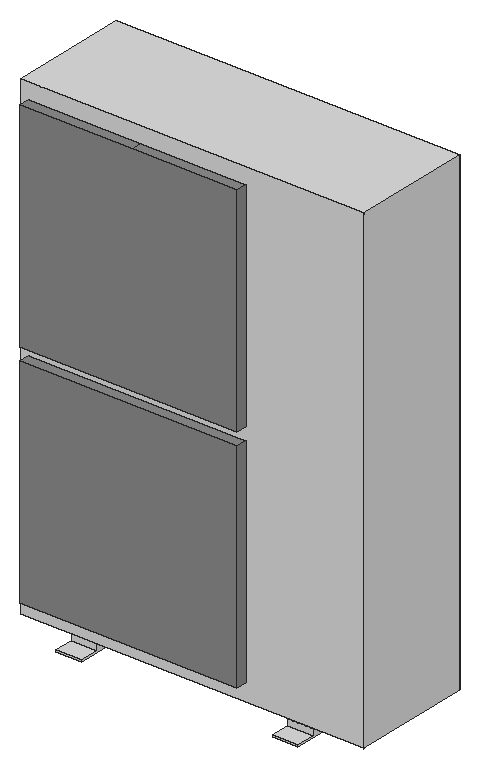
Revit family "Platinum_BC_iPlus_16_MR", category Equipos mecánicos, Revit 2019
Family settings
  Cota de conector redondo = Diámetro de uso
  Tipo de pieza = Normal
  Número OmniClass = 23.75.10.21
  Título OmniClass = Heat Pumps
  Se basa en plano de trabajo = No
  Siempre vertical = Sí
  Corte con vacíos al cargar = No
  Compartido = No
  Punto de cálculo de habitación = No
Parameters (values of type "PLATINUM BC iPLUS 16 (U.E)")
  URL PRODUCTO = "https://www.baxi.es/productos/bombas-calor/bibloc/platinum-bc-iplus-y-bc-iplus-hybrid"
  Tipo Ventilador = "Propeller Fan"
  Tipo Refrigerante = "R410A"
  Tipo Compresor = "Inverter hermetic scroll"
  Profundidad = 330.000 mm
  Potencia Acustica (dB(A)) = 68.55
  Peso (kg) = 130
  Código de montaje = "7609929"
  Caudal Aire (m3/min) = 100
  Capacidad Calorifica (kW) = 14.65
  Cantidad Ventilador = 2
  Cantidad Compresores = 1
  Blanco = Color RGB 216-216-216
  Voltage = 230.002 V
  Distancia Superior Valor [instance] = if(Distancia Superior < 1500.000 mm, 1500.000 mm, Distancia Superior)  # 1500.000 mm
  Distancia Superior [instance] = 1500.000 mm
  Area Mantenimiento [instance] = no
  Distancia Lateral Der. Valor [instance] = if(Distancia lateral Der. < 250.000 mm, 250.000 mm, Distancia lateral Der.)  # 250.000 mm
  Distancia lateral Der. [instance] = 250.000 mm
  Revit Version = "2017"  # constant formula
  Diametro Liquido Refrigerante = 9.530 mm
  Diametro gas refrigerante = 15.900 mm
  Rojo = Color RGB 255-000-000
  Phase = 1
  Model = "Platinum BC iPLUS 16MR"
  URL = "https://www.baxi.es"
  Maximum Circuit Ampacity (A) = 29.5
  Fabricante = "BAXI"  # constant formula
  Distancia lateral Izq. Valor [instance] = if(Distancia lateral Izq. < 250.000 mm, 250.000 mm, Distancia lateral Izq.)  # 250.000 mm
  Distancia lateral Izq. [instance] = 250.000 mm
  IFCExportType = "NOTDEFINED"  # constant formula
  IFCExportAs = "IfcPumpType"  # constant formula
  Hertz = 50 Hz
  Gris = Color RGB 100-100-100
  Distancia Frontal Valor [instance] = if(Distancia Frontal < 1000.000 mm, 1000.000 mm, Distancia Frontal)  # 1000.000 mm
  Distancia Frontal [instance] = 1000.000 mm
  Diametro drenaje = 32.000 mm
  Description = "Platinum BC iPLUS 16MR"  # constant formula
  Gris Oscuro = Color RGB 110-110-110
  Capacidad Frigorifica (kW) = 14.46
  Negro = Color RGB 060-060-060
  Distancia Trasera Valor [instance] = if(Distancia Trasera < 500.000 mm, 500.000 mm, Distancia Trasera)  # 500.000 mm
  Distancia Trasera [instance] = 500.000 mm
  Anchura = 950.000 mm
  Altura = 1350.000 mm
Reference planes
  plane 1 "Center (Front/Back)": y = 0
  plane 2: z = 0
  plane 3 "Center (Left/Right)": x = 0
  plane 4: y = 165
  plane 5: y = -124
  plane 6: y = -165
  plane 7: y = -111
  plane 8: y = 665
  plane 9: z = 371
  plane 10: z = 1006
  plane 11: z = 1350
  plane 12: z = 23
  plane 13: y = -195
  plane 14: x = 475
  plane 15: x = -475
  plane 16: x = -153
  plane 17: x = 147
  plane 18: x = -300
  plane 19: x = 300
  plane 20: x = -418.58
  plane 21: y = 150
  plane 22: y = 122
  plane 23: z = 431
  plane 24: z = 447
  plane 25: x = 378
  plane 26: x = -725
  plane 27: y = 54
  plane 28: x = 445
  plane 29: x = 225
  plane 30: y = 135
  plane 31: x = 80
  plane 32: x = -65
  plane 33: x = -210
  plane 34: z = 12
  plane 35: z = 1079
Forms (mm)
  Extrusion 1, solid, not visible
    sketch origin (0, 0, 0) x (1, 0, 0) y (0, 1, 0)
      loop
        line (-475, 165) -> (-475, -165) -> (575, -165) -> (575, 165) -> (-475, 165)
    from 26 to 1338
  Extrusion 2, void, not visible
    sketch origin (-475, 165, 0) x (-1, 0, 0) y (0, 0, -1)
      loop
        line (-750, -45) -> (-750, -1300) -> (-62, -1300) -> (-62, -45) -> (-750, -45)
    from 0 to 20
  Extrusion 3, solid, not visible
    sketch origin (100, -3.964, 0) x (1, 0, 0) y (0, 1, 0)
      loop
        circle (377, -128) r 4.76
    from 510 to 550
  Extrusion 4, solid, not visible
    sketch origin (100, 0, 0) x (1, 0, 0) y (0, 1, 0)
      loop
        circle (433, -109) r 7.94
    from 426 to 603
  Extrusion 5, solid, not visible
    sketch origin (445.487, -165, 0) x (-1, 0, 0) y (0, 0, -1)
      loop
        line (858.487, -1301) -> (858.487, -701) -> (258.487, -701) -> (258.487, -1301) -> (858.487, -1301)
      loop
        line (858.487, -669) -> (858.487, -69) -> (258.487, -69) -> (258.487, -669) -> (858.487, -669)
    from 0 to 25
  Extrusion 6, solid, not visible
    sketch origin (445.487, -165, -153) x (-1, 0, 0) y (0, 0, -1)
      loop
        line (129.587, -1062) -> (-20.413, -1062) -> (-20.413, -1112.667) -> (129.587, -1112.667) -> (129.587, -1062)
    from -50 to -45
  Extrusion 7, void, not visible
    sketch origin (445.487, -165, 0) x (-1, 0, 0) y (0, 0, -1)
      loop
        line (-129.513, -576) -> (-129.513, -601) -> (-84.013, -601)
        arc (-84.013, -601) -> (-82.598, -600.414) -> (-82.013, -599) r 2
        line (-82.013, -599) -> (-82.013, -578)
        arc (-82.013, -578) -> (-82.598, -576.586) -> (-84.013, -576) r 2
        line (-84.013, -576) -> (-129.513, -576)
    from -15 to 0
  Extrusion 8, void, not visible
    sketch origin (575, 0, 0) x (0, 1, 0) y (0, 0, 1)
      loop
        line (-165, 601) -> (-165, 576) -> (-119.5, 576)
        arc (-119.5, 576) -> (-118.086, 576.586) -> (-117.5, 578) r 2
        line (-117.5, 578) -> (-117.5, 599)
        arc (-117.5, 599) -> (-118.086, 600.414) -> (-119.5, 601) r 2
        line (-119.5, 601) -> (-165, 601)
    from -15 to 0
  Extrusion 9, void, not visible
    sketch origin (575, 0, 0) x (0, 1, 0) y (0, 0, 1)
      loop
        line (165, 601) -> (119.5, 601)
        arc (119.5, 601) -> (118.086, 600.414) -> (117.5, 599) r 2
        line (117.5, 599) -> (117.5, 578)
        arc (117.5, 578) -> (118.086, 576.586) -> (119.5, 576) r 2
        line (119.5, 576) -> (165, 576) -> (165, 601)
    from -15 to 0
  Extrusion 10, void, not visible
    sketch origin (0, 165, 0) x (1, 0, 0) y (0, 0, 1)
      loop
        line (575, 601) -> (529.5, 601)
        arc (529.5, 601) -> (528.086, 600.414) -> (527.5, 599) r 2
        line (527.5, 599) -> (527.5, 578)
        arc (527.5, 578) -> (528.086, 576.586) -> (529.5, 576) r 2
        line (529.5, 576) -> (575, 576) -> (575, 601)
    from 15 to 0
  Extrusion 11, void, not visible
    sketch origin (0, 165, 0) x (1, 0, 0) y (0, 0, 1)
      loop
        line (-475, 601) -> (-475, 576) -> (-425.58, 576)
        arc (-425.58, 576) -> (-424.166, 576.586) -> (-423.58, 578) r 2
        line (-423.58, 578) -> (-423.58, 599)
        arc (-423.58, 599) -> (-424.166, 600.414) -> (-425.58, 601) r 2
        line (-425.58, 601) -> (-475, 601)
    from 15 to 0
  Extrusion 12, void, not visible
    sketch origin (-475, 0, 0) x (0, 1, 0) y (0, 0, 1)
      loop
        line (165, 601) -> (119.5, 601)
        arc (119.5, 601) -> (118.086, 600.414) -> (117.5, 599) r 2
        line (117.5, 599) -> (117.5, 578)
        arc (117.5, 578) -> (118.086, 576.586) -> (119.5, 576) r 2
        line (119.5, 576) -> (165, 576) -> (165, 601)
    from 15 to 0
  Extrusion 13, void, not visible
    sketch origin (-475, 0, 0) x (0, 1, 0) y (0, 0, 1)
      loop
        line (-119.5, 601) -> (-165, 601) -> (-165, 576) -> (-119.5, 576)
        arc (-119.5, 576) -> (-118.086, 576.586) -> (-117.5, 578) r 2
        line (-117.5, 578) -> (-117.5, 599)
        arc (-117.5, 599) -> (-118.086, 600.414) -> (-119.5, 601) r 2
    from 15 to 0
  Extrusion 14, void, not visible
    sketch origin (445.487, -165, 0) x (-1, 0, 0) y (0, 0, -1)
      loop
        line (920.487, -601) -> (920.487, -576) -> (874.987, -576)
        arc (874.987, -576) -> (873.573, -576.586) -> (872.987, -578) r 2
        line (872.987, -578) -> (872.987, -599)
        arc (872.987, -599) -> (873.573, -600.414) -> (874.987, -601) r 2
        line (874.987, -601) -> (920.487, -601)
    from -15 to 0
  Extrusion 15, solid, not visible
    sketch origin (-475, 0, 0) x (0, 1, 0) y (0, 0, 1)
      loop
        circle (165, 1287.697) r 2
      loop
        circle (165, 1046.697) r 2
      loop
        circle (165, 795.697) r 2
      loop
        circle (165, 544.697) r 2
      loop
        circle (165, 293.697) r 2
      loop
        circle (165, 52.697) r 2
    from 62 to 750
  Extrusion 16, solid, not visible
    sketch origin (0, 0, 1338) x (1, 0, 0) y (0, 1, 0)
      loop
        circle (-404.962, 165) r 2
      loop
        circle (-185, 165) r 2
      loop
        circle (45, 165) r 2
      loop
        circle (267.5, 165) r 2
    from -1293 to -38
  Extrusion 17, solid, material "Color RGB 216-216-216" <- "Blanco", detail levels fine
    sketch origin (13.851, 0, 0) x (1, 0, 0) y (0, 1, 0)
      loop
        arc (-488.351, 165) -> (-488.705, 164.854) -> (-488.851, 164.5) r 0.5
        line (-488.851, 164.5) -> (-488.851, -164.5)
        arc (-488.851, -164.5) -> (-488.705, -164.854) -> (-488.351, -165) r 0.5
        line (-488.351, -165) -> (460.649, -165)
        arc (460.649, -165) -> (461.003, -164.854) -> (461.149, -164.5) r 0.5
        line (461.149, -164.5) -> (461.149, 164.5)
        arc (461.149, 164.5) -> (461.003, 164.854) -> (460.649, 165) r 0.5
        line (460.649, 165) -> (-488.351, 165)
    from 23 to 1350
  Extrusion 18, solid, material "Color RGB 216-216-216" <- "Blanco", not visible
    sketch origin (113.851, -3.964, 0) x (1, 0, 0) y (0, 1, 0)
      loop
        circle (253.149, -116.036) r 4.765
    from 447 to 550
  Extrusion 19, solid, material "Color RGB 216-216-216" <- "Blanco", not visible
    sketch origin (113.851, 0, 0) x (1, 0, 0) y (0, 1, 0)
      loop
        circle (319.149, -109) r 7.95
    from 431 to 603
  Extrusion 20, solid, not visible, detail levels fine
    sketch origin (326.099, -165, -153) x (-1, 0, 0) y (0, 0, -1)
      loop
        line (156.099, -1206.666) -> (6.099, -1206.666) -> (6.099, -1257.334) -> (156.099, -1257.334) -> (156.099, -1206.666)
    from -9.592 to 0
  Extrusion 21, solid, detail levels coarse+medium
    sketch origin (13.851, 0, 0) x (1, 0, 0) y (0, 1, 0)
      loop
        arc (-488.351, 165) -> (-488.705, 164.854) -> (-488.851, 164.5) r 0.5
        line (-488.851, 164.5) -> (-488.851, -164.5)
        arc (-488.851, -164.5) -> (-488.705, -164.854) -> (-488.351, -165) r 0.5
        line (-488.351, -165) -> (460.649, -165)
        arc (460.649, -165) -> (461.003, -164.854) -> (461.149, -164.5) r 0.5
        line (461.149, -164.5) -> (461.149, 164.5)
        arc (461.149, 164.5) -> (461.003, 164.854) -> (460.649, 165) r 0.5
        line (460.649, 165) -> (-488.351, 165)
    from 23 to 1350
  Extrusion 22, solid, detail levels coarse+medium
    sketch origin (485.851, -165, 0) x (-1, 0, 0) y (0, 0, -1)
      loop
        line (938.851, -671) -> (938.851, -71) -> (338.851, -71) -> (338.851, -671) -> (938.851, -671)
      loop
        line (938.851, -1306) -> (938.851, -706) -> (338.851, -706) -> (338.851, -1306) -> (938.851, -1306)
    from 0 to 30
  Extrusion 23, solid, material "Color RGB 100-100-100" <- "Gris", detail levels fine
    sketch origin (419.339, -165, 0) x (-1, 0, 0) y (0, 0, -1)
      loop
        line (561.654, -1306) -> (872.339, -1306) -> (872.339, -706) -> (272.339, -706) -> (272.339, -1306) -> (561.654, -1306)
      loop
        line (872.339, -671) -> (872.339, -71) -> (272.339, -71) -> (272.339, -671) -> (872.339, -671)
    from 0 to 30
  Extrusion 24, solid, material "Color RGB 100-100-100" <- "Gris", detail levels fine
    sketch origin (0, 0, 0) x (1, 0, 0) y (0, 0, 1)
      loop
        arc (-440.712, 1264.158) -> (-440.126, 1262.743) -> (-438.712, 1262.158) r 2
        line (-438.712, 1262.158) -> (-352.712, 1262.158)
        arc (-352.712, 1262.158) -> (-351.298, 1262.743) -> (-350.712, 1264.158) r 2
        line (-350.712, 1264.158) -> (-350.712, 1285) -> (-350.712, 1290.158)
        arc (-350.712, 1290.158) -> (-351.298, 1291.572) -> (-352.712, 1292.158) r 2
        line (-352.712, 1292.158) -> (-438.712, 1292.158)
        arc (-438.712, 1292.158) -> (-440.126, 1291.572) -> (-440.712, 1290.158) r 2
        line (-440.712, 1290.158) -> (-440.712, 1285) -> (-440.712, 1264.158)
      loop
        arc (-352.712, 627.158) -> (-351.298, 627.743) -> (-350.712, 629.158) r 2
        line (-350.712, 629.158) -> (-350.712, 650) -> (-350.712, 655.158)
        arc (-350.712, 655.158) -> (-351.298, 656.572) -> (-352.712, 657.158) r 2
        line (-352.712, 657.158) -> (-438.712, 657.158)
        arc (-438.712, 657.158) -> (-440.126, 656.572) -> (-440.712, 655.158) r 2
        line (-440.712, 655.158) -> (-440.712, 650) -> (-440.712, 629.158)
        arc (-440.712, 629.158) -> (-440.126, 627.743) -> (-438.712, 627.158) r 2
        line (-438.712, 627.158) -> (-352.712, 627.158)
    from 165 to 180
  Extrusion 25, solid, not visible, detail levels coarse+medium
    sketch origin (0, 0, 0) x (1, 0, 0) y (0, 1, 0)
      loop
        circle (-445, 54) r 16.5
    from 12 to 23
Cuts and joins
  joined: Extrusion 23, Extrusion 24
Lines and regions (mm)
  model lines, style "Equipment", detail levels fine
    curve 1: line (-475, -165, 1338) -> (475, -165, 1338)
    curve 410: line (257, 165, 1292) -> (-355, 165, 1292)
    curve 411: line (161.846, -165, 1338) -> (161.846, -165, 26)
    curve 412: line (-363, 165, 54) -> (265, 165, 54)
    curve 413: line (265, 165, 23) -> (265, 165, 1338)
    curve 414: line (257, 165, 1087) -> (-355, 165, 1087)
    curve 415: line (257, 165, 62) -> (-355, 165, 62)
    curve 416: line (257, 165, 23) -> (257, 165, 1338)
    curve 417: line (-151, 165, 1292) -> (-151, 165, 62)
    curve 418: line (161.846, -165, 201) -> (475, -165, 201)
    curve 419: line (161.846, -165, 181) -> (475, -165, 181)
    curve 420: line (408.5, 165, 181) -> (475, 165, 181)
    curve 421: line (417.649, 165, 201) -> (475, 165, 201)
    curve 422: line (475, 0, 1338) -> (475, 0, 26)
    curve 423: line (475, -165, 181) -> (475, 165, 181)
    curve 424: line (475, -165, 201) -> (475, 165, 201)
    curve 425: line (-363, 165, 1338) -> (-363, 165, 23)
    curve 426: line (-355, 165, 23) -> (-355, 165, 1338)
    curve 427: line (53, 165, 1292) -> (53, 165, 62)
    curve 428: line (257, 165, 882) -> (-355, 165, 882)
    curve 429: line (265, 165, 677) -> (-363, 165, 677)
    curve 430: line (257, 165, 472) -> (-355, 165, 472)
    curve 431: line (257, 165, 267) -> (-355, 165, 267)
    curve 432: line (475, 165, 1338) -> (-475, 165, 1338)
    curve 433: line (-475, -69.023, 1338) -> (-475, -69.023, 23)
    curve 434: line (-475, -57, 1322.063) -> (-475, -57, 1146.063)
    curve 435: line (-475, -27, 1146.063) -> (-475, -27, 1322.063)
    curve 436: line (-475, -50, 1139.063) -> (-475, -34, 1139.063)
    curve 437: arc (-475, -57, 1146.063) -> (-475, -54.95, 1141.113) -> (-475, -50, 1139.063) r 7
    curve 438: arc (-475, -34, 1139.063) -> (-475, -29.05, 1141.113) -> (-475, -27, 1146.063) r 7
    curve 439: line (-475, -17, 1322.063) -> (-475, -17, 1148.063)
    curve 440: line (-475, 15, 1146.063) -> (-475, 15, 1322.063)
    curve 441: line (-475, -8, 1139.063) -> (-475, 8, 1139.063)
    curve 442: arc (-475, -17, 1148.063) -> (-475, -14.364, 1141.699) -> (-475, -8, 1139.063) r 9
    curve 443: arc (-475, 8, 1139.063) -> (-475, 12.95, 1141.113) -> (-475, 15, 1146.063) r 7
    curve 444: line (-475, 25, 1322.063) -> (-475, 25, 1146.063)
    curve 445: line (-475, 55, 1146.063) -> (-475, 55, 1322.063)
    curve 446: line (-475, 32, 1139.063) -> (-475, 48, 1139.063)
    curve 447: arc (-475, 25, 1146.063) -> (-475, 27.05, 1141.113) -> (-475, 32, 1139.063) r 7
    curve 448: arc (-475, 48, 1139.063) -> (-475, 52.95, 1141.113) -> (-475, 55, 1146.063) r 7
    curve 449: line (-475, 65, 1322.063) -> (-475, 65, 1146.063)
    curve 450: line (-475, 95, 1146.063) -> (-475, 95, 1322.063)
    curve 451: line (-475, 72, 1139.063) -> (-475, 88, 1139.063)
    curve 452: arc (-475, 65, 1146.063) -> (-475, 67.05, 1141.113) -> (-475, 72, 1139.063) r 7
    curve 453: arc (-475, 88, 1139.063) -> (-475, 92.95, 1141.113) -> (-475, 95, 1146.063) r 7
    curve 454: line (-475, -34, 1129.063) -> (-475, -50, 1129.063)
    curve 455: line (-475, -57, 1122.063) -> (-475, -57, 946.063)
    curve 456: line (-475, -27, 946.063) -> (-475, -27, 1122.063)
    curve 457: line (-475, -50, 939.063) -> (-475, -34, 939.063)
    curve 458: arc (-475, -50, 1129.063) -> (-475, -54.95, 1127.012) -> (-475, -57, 1122.063) r 7
    curve 459: arc (-475, -27, 1122.063) -> (-475, -29.05, 1127.012) -> (-475, -34, 1129.063) r 7
    curve 460: arc (-475, -57, 946.063) -> (-475, -54.95, 941.113) -> (-475, -50, 939.063) r 7
    curve 461: arc (-475, -34, 939.063) -> (-475, -29.05, 941.113) -> (-475, -27, 946.063) r 7
    curve 462: line (-475, 8, 1129.063) -> (-475, -10, 1129.063)
    curve 463: line (-475, -17, 1122.063) -> (-475, -17, 946.063)
    curve 464: line (-475, 15, 946.063) -> (-475, 15, 1122.063)
    curve 465: line (-475, -10, 939.063) -> (-475, 8, 939.063)
    curve 466: arc (-475, -10, 1129.063) -> (-475, -14.95, 1127.012) -> (-475, -17, 1122.063) r 7
    curve 467: arc (-475, 15, 1122.063) -> (-475, 12.95, 1127.012) -> (-475, 8, 1129.063) r 7
    curve 468: arc (-475, -17, 946.063) -> (-475, -14.95, 941.113) -> (-475, -10, 939.063) r 7
    curve 469: arc (-475, 8, 939.063) -> (-475, 12.95, 941.113) -> (-475, 15, 946.063) r 7
    curve 470: line (-475, 48, 1129.063) -> (-475, 32, 1129.063)
    curve 471: line (-475, 25, 1122.063) -> (-475, 25, 946.063)
    curve 472: line (-475, 55, 946.063) -> (-475, 55, 1122.063)
    curve 473: line (-475, 32, 939.063) -> (-475, 48, 939.063)
    curve 474: arc (-475, 32, 1129.063) -> (-475, 27.05, 1127.012) -> (-475, 25, 1122.063) r 7
    curve 475: arc (-475, 55, 1122.063) -> (-475, 52.95, 1127.012) -> (-475, 48, 1129.063) r 7
    curve 476: arc (-475, 25, 946.063) -> (-475, 27.05, 941.113) -> (-475, 32, 939.063) r 7
    curve 477: arc (-475, 48, 939.063) -> (-475, 52.95, 941.113) -> (-475, 55, 946.063) r 7
    curve 478: line (-475, 88, 1129.063) -> (-475, 72, 1129.063)
    curve 479: line (-475, 65, 1122.063) -> (-475, 65, 946.063)
    curve 480: line (-475, 95, 946.063) -> (-475, 95, 1122.063)
    curve 481: line (-475, 72, 939.063) -> (-475, 88, 939.063)
    curve 482: arc (-475, 72, 1129.063) -> (-475, 67.05, 1127.012) -> (-475, 65, 1122.063) r 7
    curve 483: arc (-475, 95, 1122.063) -> (-475, 92.95, 1127.012) -> (-475, 88, 1129.063) r 7
    curve 484: arc (-475, 65, 946.063) -> (-475, 67.05, 941.113) -> (-475, 72, 939.063) r 7
    curve 485: arc (-475, 88, 939.063) -> (-475, 92.95, 941.113) -> (-475, 95, 946.063) r 7
    curve 486: line (-475, -34, 929.063) -> (-475, -50, 929.063)
    curve 487: line (-475, -57, 922.063) -> (-475, -57, 748.063)
    curve 488: line (-475, -27, 748.063) -> (-475, -27, 922.063)
    curve 489: line (-475, -50, 741.063) -> (-475, -34, 741.063)
    curve 490: arc (-475, -50, 929.063) -> (-475, -54.95, 927.012) -> (-475, -57, 922.063) r 7
    curve 491: arc (-475, -27, 922.063) -> (-475, -29.05, 927.012) -> (-475, -34, 929.063) r 7
    curve 492: arc (-475, -57, 748.063) -> (-475, -54.95, 743.113) -> (-475, -50, 741.063) r 7
    curve 493: arc (-475, -34, 741.063) -> (-475, -29.05, 743.113) -> (-475, -27, 748.063) r 7
    curve 494: line (-475, 8, 929.063) -> (-475, -10, 929.063)
    curve 495: line (-475, -17, 922.063) -> (-475, -17, 748.063)
    curve 496: line (-475, 15, 748.063) -> (-475, 15, 922.063)
    curve 497: line (-475, -10, 741.063) -> (-475, 8, 741.063)
    curve 498: arc (-475, -10, 929.063) -> (-475, -14.95, 927.012) -> (-475, -17, 922.063) r 7
    curve 499: arc (-475, 15, 922.063) -> (-475, 12.95, 927.012) -> (-475, 8, 929.063) r 7
    curve 500: arc (-475, -17, 748.063) -> (-475, -14.95, 743.113) -> (-475, -10, 741.063) r 7
    curve 501: arc (-475, 8, 741.063) -> (-475, 12.95, 743.113) -> (-475, 15, 748.063) r 7
    curve 502: line (-475, 48, 929.063) -> (-475, 32, 929.063)
    curve 503: line (-475, 25, 922.063) -> (-475, 25, 748.063)
    curve 504: line (-475, 55, 748.063) -> (-475, 55, 922.063)
    curve 505: line (-475, 32, 741.063) -> (-475, 48, 741.063)
    curve 506: arc (-475, 32, 929.063) -> (-475, 27.05, 927.012) -> (-475, 25, 922.063) r 7
    curve 507: arc (-475, 55, 922.063) -> (-475, 52.95, 927.012) -> (-475, 48, 929.063) r 7
    curve 508: arc (-475, 25, 748.063) -> (-475, 27.05, 743.113) -> (-475, 32, 741.063) r 7
    curve 509: arc (-475, 48, 741.063) -> (-475, 52.95, 743.113) -> (-475, 55, 748.063) r 7
    curve 510: line (-475, 88, 929.063) -> (-475, 72, 929.063)
    curve 511: line (-475, 65, 922.063) -> (-475, 65, 748.063)
    curve 512: line (-475, 95, 748.063) -> (-475, 95, 922.063)
    curve 513: line (-475, 72, 741.063) -> (-475, 88, 741.063)
    curve 514: arc (-475, 72, 929.063) -> (-475, 67.05, 927.012) -> (-475, 65, 922.063) r 7
    curve 515: arc (-475, 95, 922.063) -> (-475, 92.95, 927.012) -> (-475, 88, 929.063) r 7
    curve 516: arc (-475, 65, 748.063) -> (-475, 67.05, 743.113) -> (-475, 72, 741.063) r 7
    curve 517: arc (-475, 88, 741.063) -> (-475, 92.95, 743.113) -> (-475, 95, 748.063) r 7
    curve 518: line (-475, -34, 731.063) -> (-475, -50, 731.063)
    curve 519: line (-475, -57, 724.063) -> (-475, -57, 546.063)
    curve 520: line (-475, -27, 546.063) -> (-475, -27, 724.063)
    curve 521: line (-475, -50, 539.063) -> (-475, -34, 539.063)
    curve 522: arc (-475, -50, 731.063) -> (-475, -54.95, 729.012) -> (-475, -57, 724.063) r 7
    curve 523: arc (-475, -27, 724.063) -> (-475, -29.05, 729.012) -> (-475, -34, 731.063) r 7
    curve 524: arc (-475, -57, 546.063) -> (-475, -54.95, 541.113) -> (-475, -50, 539.063) r 7
    curve 525: arc (-475, -34, 539.063) -> (-475, -29.05, 541.113) -> (-475, -27, 546.063) r 7
    curve 526: line (-475, 8, 731.063) -> (-475, -10, 731.063)
    curve 527: line (-475, -17, 724.063) -> (-475, -17, 550.063)
    curve 528: line (-475, 15, 548.063) -> (-475, 15, 724.063)
    curve 529: line (-475, -8, 541.063) -> (-475, 8, 541.063)
    curve 530: arc (-475, -10, 731.063) -> (-475, -14.95, 729.012) -> (-475, -17, 724.063) r 7
    curve 531: arc (-475, 15, 724.063) -> (-475, 12.95, 729.012) -> (-475, 8, 731.063) r 7
    curve 532: arc (-475, -17, 550.063) -> (-475, -14.364, 543.699) -> (-475, -8, 541.063) r 9
    curve 533: arc (-475, 8, 541.063) -> (-475, 12.95, 543.113) -> (-475, 15, 548.063) r 7
    curve 534: line (-475, 48, 731.063) -> (-475, 32, 731.063)
    curve 535: line (-475, 25, 724.063) -> (-475, 25, 548.063)
    curve 536: line (-475, 55, 548.063) -> (-475, 55, 724.063)
    curve 537: line (-475, 32, 541.063) -> (-475, 48, 541.063)
    curve 538: arc (-475, 32, 731.063) -> (-475, 27.05, 729.012) -> (-475, 25, 724.063) r 7
    curve 539: arc (-475, 55, 724.063) -> (-475, 52.95, 729.012) -> (-475, 48, 731.063) r 7
    curve 540: arc (-475, 25, 548.063) -> (-475, 27.05, 543.113) -> (-475, 32, 541.063) r 7
    curve 541: arc (-475, 48, 541.063) -> (-475, 52.95, 543.113) -> (-475, 55, 548.063) r 7
    curve 542: line (-475, -34, 529.063) -> (-475, -50, 529.063)
    curve 543: line (-475, -57, 522.063) -> (-475, -57, 346.063)
    curve 544: line (-475, -27, 346.063) -> (-475, -27, 522.063)
    curve 545: line (-475, -50, 339.063) -> (-475, -34, 339.063)
    curve 546: arc (-475, -50, 529.063) -> (-475, -54.95, 527.012) -> (-475, -57, 522.063) r 7
    curve 547: arc (-475, -27, 522.063) -> (-475, -29.05, 527.012) -> (-475, -34, 529.063) r 7
    curve 548: arc (-475, -57, 346.063) -> (-475, -54.95, 341.113) -> (-475, -50, 339.063) r 7
    curve 549: arc (-475, -34, 339.063) -> (-475, -29.05, 341.113) -> (-475, -27, 346.063) r 7
    curve 550: line (-475, 8, 531.063) -> (-475, -8, 531.063)
    curve 551: line (-475, -17, 522.063) -> (-475, -17, 346.063)
    curve 552: line (-475, 15, 346.063) -> (-475, 15, 524.063)
    curve 553: line (-475, -10, 339.063) -> (-475, 8, 339.063)
    curve 554: arc (-475, -8, 531.063) -> (-475, -14.364, 528.427) -> (-475, -17, 522.063) r 9
    curve 555: arc (-475, 15, 524.063) -> (-475, 12.95, 529.012) -> (-475, 8, 531.063) r 7
    curve 556: arc (-475, -17, 346.063) -> (-475, -14.95, 341.113) -> (-475, -10, 339.063) r 7
    curve 557: arc (-475, 8, 339.063) -> (-475, 12.95, 341.113) -> (-475, 15, 346.063) r 7
    curve 558: line (-475, 48, 531.063) -> (-475, 32, 531.063)
    curve 559: line (-475, 25, 524.063) -> (-475, 25, 346.063)
    curve 560: line (-475, 55, 346.063) -> (-475, 55, 524.063)
    curve 561: line (-475, 32, 339.063) -> (-475, 48, 339.063)
    curve 562: arc (-475, 32, 531.063) -> (-475, 27.05, 529.012) -> (-475, 25, 524.063) r 7
    curve 563: arc (-475, 55, 524.063) -> (-475, 52.95, 529.012) -> (-475, 48, 531.063) r 7
    curve 564: arc (-475, 25, 346.063) -> (-475, 27.05, 341.113) -> (-475, 32, 339.063) r 7
    curve 565: arc (-475, 48, 339.063) -> (-475, 52.95, 341.113) -> (-475, 55, 346.063) r 7
    curve 566: line (-475, 88, 531.063) -> (-475, 72, 531.063)
    curve 567: line (-475, 65, 524.063) -> (-475, 65, 346.063)
    curve 568: line (-475, 95, 346.063) -> (-475, 95, 524.063)
    curve 569: line (-475, 72, 339.063) -> (-475, 88, 339.063)
    curve 570: arc (-475, 72, 531.063) -> (-475, 67.05, 529.012) -> (-475, 65, 524.063) r 7
    curve 571: arc (-475, 95, 524.063) -> (-475, 92.95, 529.012) -> (-475, 88, 531.063) r 7
    curve 572: arc (-475, 65, 346.063) -> (-475, 67.05, 341.113) -> (-475, 72, 339.063) r 7
    curve 573: arc (-475, 88, 339.063) -> (-475, 92.95, 341.113) -> (-475, 95, 346.063) r 7
    curve 574: line (-475, -34, 329.063) -> (-475, -50, 329.063)
    curve 575: line (-475, -57, 322.063) -> (-475, -57, 146.063)
    curve 576: line (-475, -27, 146.063) -> (-475, -27, 322.063)
    curve 577: line (-475, -50, 139.063) -> (-475, -34, 139.063)
    curve 578: arc (-475, -50, 329.063) -> (-475, -54.95, 327.012) -> (-475, -57, 322.063) r 7
    curve 579: arc (-475, -27, 322.063) -> (-475, -29.05, 327.012) -> (-475, -34, 329.063) r 7
    curve 580: arc (-475, -57, 146.063) -> (-475, -54.95, 141.113) -> (-475, -50, 139.063) r 7
    curve 581: arc (-475, -34, 139.063) -> (-475, -29.05, 141.113) -> (-475, -27, 146.063) r 7
    curve 582: line (-475, 8, 329.063) -> (-475, -10, 329.063)
    curve 583: line (-475, -17, 322.063) -> (-475, -17, 148.063)
    curve 584: line (-475, 15, 146.063) -> (-475, 15, 322.063)
    curve 585: line (-475, -8, 139.063) -> (-475, 8, 139.063)
    curve 586: arc (-475, -10, 329.063) -> (-475, -14.95, 327.012) -> (-475, -17, 322.063) r 7
    curve 587: arc (-475, 15, 322.063) -> (-475, 12.95, 327.012) -> (-475, 8, 329.063) r 7
    curve 588: arc (-475, -17, 148.063) -> (-475, -14.364, 141.699) -> (-475, -8, 139.063) r 9
    curve 589: arc (-475, 8, 139.063) -> (-475, 12.95, 141.113) -> (-475, 15, 146.063) r 7
    curve 590: line (-475, 48, 329.063) -> (-475, 32, 329.063)
    curve 591: line (-475, 25, 322.063) -> (-475, 25, 146.063)
    curve 592: line (-475, 55, 146.063) -> (-475, 55, 322.063)
    curve 593: line (-475, 32, 139.063) -> (-475, 48, 139.063)
    curve 594: arc (-475, 32, 329.063) -> (-475, 27.05, 327.012) -> (-475, 25, 322.063) r 7
    curve 595: arc (-475, 55, 322.063) -> (-475, 52.95, 327.012) -> (-475, 48, 329.063) r 7
    curve 596: arc (-475, 25, 146.063) -> (-475, 27.05, 141.113) -> (-475, 32, 139.063) r 7
    curve 597: arc (-475, 48, 139.063) -> (-475, 52.95, 141.113) -> (-475, 55, 146.063) r 7
    curve 598: line (-475, 88, 329.063) -> (-475, 72, 329.063)
    curve 599: line (-475, 65, 322.063) -> (-475, 65, 146.063)
    curve 600: line (-475, 95, 146.063) -> (-475, 95, 322.063)
    curve 601: line (-475, 72, 139.063) -> (-475, 88, 139.063)
    curve 602: arc (-475, 72, 329.063) -> (-475, 67.05, 327.012) -> (-475, 65, 322.063) r 7
    curve 603: arc (-475, 95, 322.063) -> (-475, 92.95, 327.012) -> (-475, 88, 329.063) r 7
    curve 604: arc (-475, 65, 146.063) -> (-475, 67.05, 141.113) -> (-475, 72, 139.063) r 7
    curve 605: arc (-475, 88, 139.063) -> (-475, 92.95, 141.113) -> (-475, 95, 146.063) r 7
    curve 606: line (-475, -34, 1329.063) -> (-475, -50, 1329.063)
    curve 607: arc (-475, -50, 1329.063) -> (-475, -54.95, 1327.012) -> (-475, -57, 1322.063) r 7
    curve 608: arc (-475, -27, 1322.063) -> (-475, -29.05, 1327.012) -> (-475, -34, 1329.063) r 7
    curve 609: line (-475, 8, 1329.063) -> (-475, -10, 1329.063)
    curve 610: arc (-475, -10, 1329.063) -> (-475, -14.95, 1327.012) -> (-475, -17, 1322.063) r 7
    curve 611: arc (-475, 15, 1322.063) -> (-475, 12.95, 1327.012) -> (-475, 8, 1329.063) r 7
    curve 612: line (-475, 48, 1329.063) -> (-475, 32, 1329.063)
    curve 613: arc (-475, 32, 1329.063) -> (-475, 27.05, 1327.012) -> (-475, 25, 1322.063) r 7
    curve 614: arc (-475, 55, 1322.063) -> (-475, 52.95, 1327.012) -> (-475, 48, 1329.063) r 7
    curve 615: line (-475, 88, 1329.063) -> (-475, 72, 1329.063)
    curve 616: arc (-475, 72, 1329.063) -> (-475, 67.05, 1327.012) -> (-475, 65, 1322.063) r 7
    curve 617: arc (-475, 95, 1322.063) -> (-475, 92.95, 1327.012) -> (-475, 88, 1329.063) r 7
    curve 618: line (-475, -165, 1338) -> (-475, 165, 1338)
    curve 619: line (-417, 165, 1322.063) -> (-417, 165, 1146.063)
    curve 620: line (-387, 165, 1322.063) -> (-387, 165, 1146.063)
    curve 621: line (-410, 165, 1329.063) -> (-394, 165, 1329.063)
    curve 622: arc (-387, 165, 1322.063) -> (-389.05, 165, 1327.012) -> (-394, 165, 1329.063) r 7
    curve 623: arc (-410, 165, 1329.063) -> (-414.95, 165, 1327.012) -> (-417, 165, 1322.063) r 7
    curve 624: line (-410, 165, 1139.063) -> (-394, 165, 1139.063)
    curve 625: arc (-387, 165, 1146.063) -> (-389.05, 165, 1141.113) -> (-394, 165, 1139.063) r 7
    curve 626: arc (-410, 165, 1139.063) -> (-414.95, 165, 1141.113) -> (-417, 165, 1146.063) r 7
    curve 627: line (-417, 165, 1122.063) -> (-417, 165, 946.063)
    curve 628: line (-387, 165, 1122.063) -> (-387, 165, 946.063)
    curve 629: line (-410, 165, 1129.063) -> (-394, 165, 1129.063)
    curve 630: arc (-387, 165, 1122.063) -> (-389.05, 165, 1127.012) -> (-394, 165, 1129.063) r 7
    curve 631: arc (-410, 165, 1129.063) -> (-414.95, 165, 1127.012) -> (-417, 165, 1122.063) r 7
    curve 632: line (-410, 165, 939.063) -> (-394, 165, 939.063)
    curve 633: arc (-387, 165, 946.063) -> (-389.05, 165, 941.113) -> (-394, 165, 939.063) r 7
    curve 634: arc (-410, 165, 939.063) -> (-414.95, 165, 941.113) -> (-417, 165, 946.063) r 7
    curve 635: line (-417, 165, 922.063) -> (-417, 165, 746.063)
    curve 636: line (-387, 165, 922.063) -> (-387, 165, 746.063)
    curve 637: line (-410, 165, 929.063) -> (-394, 165, 929.063)
    curve 638: arc (-387, 165, 922.063) -> (-389.05, 165, 927.012) -> (-394, 165, 929.063) r 7
    curve 639: arc (-410, 165, 929.063) -> (-414.95, 165, 927.012) -> (-417, 165, 922.063) r 7
    curve 640: line (-410, 165, 739.063) -> (-394, 165, 739.063)
    curve 641: arc (-387, 165, 746.063) -> (-389.05, 165, 741.113) -> (-394, 165, 739.063) r 7
    curve 642: arc (-410, 165, 739.063) -> (-414.95, 165, 741.113) -> (-417, 165, 746.063) r 7
    curve 643: line (-417, 165, 522.063) -> (-417, 165, 346.063)
    curve 644: line (-387, 165, 522.063) -> (-387, 165, 346.063)
    curve 645: line (-410, 165, 529.063) -> (-394, 165, 529.063)
    curve 646: arc (-387, 165, 522.063) -> (-389.05, 165, 527.012) -> (-394, 165, 529.063) r 7
    curve 647: arc (-410, 165, 529.063) -> (-414.95, 165, 527.012) -> (-417, 165, 522.063) r 7
    curve 648: line (-410, 165, 339.063) -> (-394, 165, 339.063)
    curve 649: arc (-387, 165, 346.063) -> (-389.05, 165, 341.113) -> (-394, 165, 339.063) r 7
    curve 650: arc (-410, 165, 339.063) -> (-414.95, 165, 341.113) -> (-417, 165, 346.063) r 7
    curve 651: line (-417, 165, 322.063) -> (-417, 165, 146.063)
    curve 652: line (-387, 165, 322.063) -> (-387, 165, 146.063)
    curve 653: line (-410, 165, 329.063) -> (-394, 165, 329.063)
    curve 654: arc (-387, 165, 322.063) -> (-389.05, 165, 327.012) -> (-394, 165, 329.063) r 7
    curve 655: arc (-410, 165, 329.063) -> (-414.95, 165, 327.012) -> (-417, 165, 322.063) r 7
    curve 656: line (-410, 165, 139.063) -> (-394, 165, 139.063)
    curve 657: arc (-387, 165, 146.063) -> (-389.05, 165, 141.113) -> (-394, 165, 139.063) r 7
    curve 658: arc (-410, 165, 139.063) -> (-414.95, 165, 141.113) -> (-417, 165, 146.063) r 7
    curve 659: line (-410, 165, 68.063) -> (-394, 165, 68.063)
    curve 660: line (-410, 165, 129.063) -> (-394, 165, 129.063)
    curve 661: line (-417, 165, 122.063) -> (-417, 165, 75.063)
    curve 662: line (-387, 165, 122.063) -> (-387, 165, 75.063)
    curve 663: arc (-387, 165, 122.063) -> (-389.05, 165, 127.012) -> (-394, 165, 129.063) r 7
    curve 664: arc (-410, 165, 129.063) -> (-414.95, 165, 127.012) -> (-417, 165, 122.063) r 7
    curve 665: arc (-410, 165, 68.063) -> (-414.95, 165, 70.113) -> (-417, 165, 75.063) r 7
    curve 666: arc (-394, 165, 68.063) -> (-389.05, 165, 70.113) -> (-387, 165, 75.063) r 7
    curve 667: line (-422.869, -51.984, 1350) -> (423.869, -51.984, 1350)
    curve 668: line (430.869, -126.984, 1350) -> (430.869, -58.984, 1350)
    curve 669: arc (423.869, -51.984, 1350) -> (428.819, -54.035, 1350) -> (430.869, -58.984, 1350) r 7
    curve 670: line (-429.869, -126.984, 1350) -> (-429.869, -58.984, 1350)
    curve 671: arc (-422.869, -51.984, 1350) -> (-427.819, -54.035, 1350) -> (-429.869, -58.984, 1350) r 7
    curve 672: line (-422.869, 40.016, 1350) -> (423.869, 40.016, 1350)
    curve 673: line (423.869, -41.984, 1350) -> (-422.869, -41.984, 1350)
    curve 674: line (430.869, -34.984, 1350) -> (430.869, 33.016, 1350)
    curve 675: arc (423.869, 40.016, 1350) -> (428.819, 37.965, 1350) -> (430.869, 33.016, 1350) r 7
    curve 676: arc (430.869, -34.984, 1350) -> (428.819, -39.934, 1350) -> (423.869, -41.984, 1350) r 7
    curve 677: line (-429.869, -34.984, 1350) -> (-429.869, 33.016, 1350)
    curve 678: arc (-422.869, 40.016, 1350) -> (-427.819, 37.965, 1350) -> (-429.869, 33.016, 1350) r 7
    curve 679: arc (-429.869, -34.984, 1350) -> (-427.819, -39.934, 1350) -> (-422.869, -41.984, 1350) r 7
    curve 680: line (-422.869, 50.016, 1350) -> (423.869, 50.016, 1350)
    curve 681: line (423.869, 130.016, 1350) -> (-422.869, 130.016, 1350)
    curve 682: line (430.869, 123.016, 1350) -> (430.869, 57.016, 1350)
    curve 683: arc (423.869, 130.016, 1350) -> (428.819, 127.965, 1350) -> (430.869, 123.016, 1350) r 7
    curve 684: arc (430.869, 57.016, 1350) -> (428.819, 52.066, 1350) -> (423.869, 50.016, 1350) r 7
    curve 685: line (-429.869, 123.016, 1350) -> (-429.869, 57.016, 1350)
    curve 686: arc (-422.869, 130.016, 1350) -> (-427.819, 127.965, 1350) -> (-429.869, 123.016, 1350) r 7
    curve 687: arc (-429.869, 57.016, 1350) -> (-427.819, 52.066, 1350) -> (-422.869, 50.016, 1350) r 7
    curve 688: line (475, -165, 1338) -> (475, 165, 1338)
    curve 689: line (-475, 88, 129.063) -> (-475, 72, 129.063)
    curve 690: line (-475, 65, 122.063) -> (-475, 65, 75.063)
    curve 691: line (-475, 95, 75.063) -> (-475, 95, 122.063)
    curve 692: line (-475, 72, 68.063) -> (-475, 88, 68.063)
    curve 693: arc (-475, 72, 129.063) -> (-475, 67.05, 127.012) -> (-475, 65, 122.063) r 7
    curve 694: arc (-475, 95, 122.063) -> (-475, 92.95, 127.012) -> (-475, 88, 129.063) r 7
    curve 695: arc (-475, 65, 75.063) -> (-475, 67.05, 70.113) -> (-475, 72, 68.063) r 7
    curve 696: arc (-475, 88, 68.063) -> (-475, 92.95, 70.113) -> (-475, 95, 75.063) r 7
    curve 697: line (-475, 48, 129.063) -> (-475, 32, 129.063)
    curve 698: line (-475, 25, 122.063) -> (-475, 25, 75.063)
    curve 699: line (-475, 55, 75.063) -> (-475, 55, 122.063)
    curve 700: line (-475, 32, 68.063) -> (-475, 48, 68.063)
    curve 701: arc (-475, 32, 129.063) -> (-475, 27.05, 127.012) -> (-475, 25, 122.063) r 7
    curve 702: arc (-475, 55, 122.063) -> (-475, 52.95, 127.012) -> (-475, 48, 129.063) r 7
    curve 703: arc (-475, 25, 75.063) -> (-475, 27.05, 70.113) -> (-475, 32, 68.063) r 7
    curve 704: arc (-475, 48, 68.063) -> (-475, 52.95, 70.113) -> (-475, 55, 75.063) r 7
    curve 705: line (-475, 8, 129.063) -> (-475, -10, 129.063)
    curve 706: line (-475, -17, 122.063) -> (-475, -17, 75.063)
    curve 707: line (-475, 15, 75.063) -> (-475, 15, 122.063)
    curve 708: line (-475, -10, 68.063) -> (-475, 8, 68.063)
    curve 709: arc (-475, -10, 129.063) -> (-475, -14.95, 127.012) -> (-475, -17, 122.063) r 7
    curve 710: arc (-475, 15, 122.063) -> (-475, 12.95, 127.012) -> (-475, 8, 129.063) r 7
    curve 711: arc (-475, -17, 75.063) -> (-475, -14.95, 70.113) -> (-475, -10, 68.063) r 7
    curve 712: arc (-475, 8, 68.063) -> (-475, 12.95, 70.113) -> (-475, 15, 75.063) r 7
    curve 713: line (-475, -34, 129.063) -> (-475, -50, 129.063)
    curve 714: line (-475, -57, 122.063) -> (-475, -57, 75.063)
    curve 715: line (-475, -27, 75.063) -> (-475, -27, 122.063)
    curve 716: line (-475, -50, 68.063) -> (-475, -34, 68.063)
    curve 717: arc (-475, -50, 129.063) -> (-475, -54.95, 127.012) -> (-475, -57, 122.063) r 7
    curve 718: arc (-475, -27, 122.063) -> (-475, -29.05, 127.012) -> (-475, -34, 129.063) r 7
    curve 719: arc (-475, -57, 75.063) -> (-475, -54.95, 70.113) -> (-475, -50, 68.063) r 7
    curve 720: arc (-475, -34, 68.063) -> (-475, -29.05, 70.113) -> (-475, -27, 75.063) r 7
    curve 721: line (366, 165, 267) -> (445, 165, 267)
    curve 722: line (445, 165, 267) -> (445, 165, 282)
    curve 723: line (366, 165, 267) -> (366, 165, 282)
    curve 724: line (366, 165, 282) -> (445, 165, 282)
    curve 725: line (366, 165, 287) -> (445, 165, 287)
    curve 726: line (445, 165, 287) -> (445, 165, 302)
    curve 727: line (366, 165, 287) -> (366, 165, 302)
    curve 728: line (366, 165, 302) -> (445, 165, 302)
    curve 729: line (366, 165, 307) -> (445, 165, 307)
    curve 730: line (445, 165, 307) -> (445, 165, 322)
    curve 731: line (366, 165, 307) -> (366, 165, 322)
    curve 732: line (366, 165, 322) -> (445, 165, 322)
    curve 733: line (366, 165, 327) -> (445, 165, 327)
    curve 734: line (445, 165, 327) -> (445, 165, 342)
    curve 735: line (366, 165, 327) -> (366, 165, 342)
    curve 736: line (366, 165, 342) -> (445, 165, 342)
    curve 737: line (366, 165, 347) -> (445, 165, 347)
    curve 738: line (445, 165, 347) -> (445, 165, 362)
    curve 739: line (366, 165, 347) -> (366, 165, 362)
    curve 740: line (366, 165, 362) -> (445, 165, 362)
    curve 741: line (356.272, 165, 128.887) -> (356.272, 165, 23)
    curve 742: arc (408.5, 165, 181.114) -> (371.569, 165, 165.817) -> (356.272, 165, 128.887) r 52.228
    curve 743: arc (417.649, 165, 201) -> (373.694, 165, 176.235) -> (356.272, 165, 128.887) r 73.052
    curve 744: line (423.869, -133.984, 1350) -> (-422.869, -133.984, 1350)
    curve 745: arc (430.869, -126.984, 1350) -> (428.819, -131.934, 1350) -> (423.869, -133.984, 1350) r 7
    curve 746: arc (-429.869, -126.984, 1350) -> (-427.819, -131.934, 1350) -> (-422.869, -133.984, 1350) r 7
    curve 747: line (372.288, -165, 657.158) -> (447.288, -165, 657.158)
    curve 748: arc (447.288, -165, 657.158) -> (448.702, -165, 656.572) -> (449.288, -165, 655.158) r 2
    curve 749: line (449.288, -165, 655.158) -> (449.288, -165, 650)
    curve 750: line (449.288, -165, 650) -> (449.288, -165, 629.158)
    curve 751: arc (449.288, -165, 629.158) -> (448.702, -165, 627.743) -> (447.288, -165, 627.158) r 2
    curve 752: line (447.288, -165, 627.158) -> (372.288, -165, 627.158)
    curve 753: arc (372.288, -165, 627.158) -> (370.874, -165, 627.743) -> (370.288, -165, 629.158) r 2
    curve 754: line (370.288, -165, 629.158) -> (370.288, -165, 650)
    curve 755: line (370.288, -165, 650) -> (370.288, -165, 655.158)
    curve 756: arc (370.288, -165, 655.158) -> (370.874, -165, 656.572) -> (372.288, -165, 657.158) r 2
    curve 757: line (372.288, 165, 627.158) -> (447.288, 165, 627.158)
    curve 758: arc (447.288, 165, 627.158) -> (448.702, 165, 627.743) -> (449.288, 165, 629.158) r 2
    curve 759: line (449.288, 165, 629.158) -> (449.288, 165, 650)
    curve 760: line (449.288, 165, 650) -> (449.288, 165, 655.158)
    curve 761: arc (449.288, 165, 655.158) -> (448.702, 165, 656.572) -> (447.288, 165, 657.158) r 2
    curve 762: line (447.288, 165, 657.158) -> (372.288, 165, 657.158)
    curve 763: arc (372.288, 165, 657.158) -> (370.874, 165, 656.572) -> (370.288, 165, 655.158) r 2
    curve 764: line (370.288, 165, 655.158) -> (370.288, 165, 650)
    curve 765: line (370.288, 165, 650) -> (370.288, 165, 629.158)
    curve 766: arc (370.288, 165, 629.158) -> (370.874, 165, 627.743) -> (372.288, 165, 627.158) r 2
    curve 767: line (-475, 165, 617.128) -> (-425, 165, 617.128)
    curve 768: line (-425, 165, 617.128) -> (-425, 165, 667.158)
    curve 769: line (-425, 165, 667.158) -> (-475, 165, 667.158)
    curve 770: line (-475, 115, 617.128) -> (-475, 165, 617.128)
    curve 771: line (-475, 165, 667.158) -> (-475, 115, 667.158)
    curve 772: line (-475, 115, 667.158) -> (-475, 115, 617.128)
  model lines, not visible
    curve 2: line (575, 11.454, 453.576) -> (575, 101.454, 453.576)
    curve 3: line (575, 11.454, 438.576) -> (575, 11.454, 453.576)
    curve 4: line (575, 101.454, 438.576) -> (575, 11.454, 438.576)
    curve 5: line (575, 101.454, 453.576) -> (575, 101.454, 438.576)
    curve 6: line (246.538, -165, 1095.667) -> (366.538, -165, 1095.667)
    curve 7: line (236.538, -165, 285.667) -> (236.538, -165, 1085.667)
    curve 8: line (366.538, -165, 275.667) -> (246.538, -165, 275.667)
    curve 9: line (376.538, -165, 1085.667) -> (376.538, -165, 285.667)
    curve 10: line (369.432, 165, 258.948) -> (369.432, 165, 1284.948)
    curve 11: line (306.432, 165, 251.948) -> (362.432, 165, 251.948)
    curve 12: line (299.432, 165, 1284.948) -> (299.432, 165, 258.948)
    curve 13: line (575, 11.454, 517.164) -> (575, 11.454, 1292.164)
    curve 14: line (575, 96.454, 512.164) -> (575, 16.454, 512.164)
    curve 15: line (575, 101.454, 1292.164) -> (575, 101.454, 517.164)
    curve 16: line (575, 11.454, 453.576) -> (575, 101.454, 453.576)
    curve 17: line (575, 11.454, 438.576) -> (575, 11.454, 453.576)
    curve 18: line (575, 101.454, 438.576) -> (575, 11.454, 438.576)
    curve 19: line (575, 101.454, 453.576) -> (575, 101.454, 438.576)
    curve 20: line (575, 11.454, 435.549) -> (575, 101.454, 435.549)
    curve 21: line (575, 11.454, 420.549) -> (575, 11.454, 435.549)
    curve 22: line (575, 101.454, 420.549) -> (575, 11.454, 420.549)
    curve 23: line (575, 101.454, 435.549) -> (575, 101.454, 420.549)
    curve 24: line (575, 11.454, 417.522) -> (575, 101.454, 417.522)
    curve 25: line (575, 11.454, 402.522) -> (575, 11.454, 417.522)
    curve 26: line (575, 101.454, 402.522) -> (575, 11.454, 402.522)
    curve 27: line (575, 101.454, 417.522) -> (575, 101.454, 402.522)
    curve 28: line (575, 11.454, 399.495) -> (575, 101.454, 399.495)
    curve 29: line (575, 11.454, 384.495) -> (575, 11.454, 399.495)
    curve 30: line (575, 101.454, 384.495) -> (575, 11.454, 384.495)
    curve 31: line (575, 101.454, 399.495) -> (575, 101.454, 384.495)
    curve 32: line (575, 11.454, 381.469) -> (575, 101.454, 381.469)
    curve 33: line (575, 11.454, 366.469) -> (575, 11.454, 381.469)
    curve 34: line (575, 101.454, 366.469) -> (575, 11.454, 366.469)
    curve 35: line (575, 101.454, 381.469) -> (575, 101.454, 366.469)
    curve 36: line (575, 11.454, 363.442) -> (575, 101.454, 363.442)
    curve 37: line (575, 11.454, 348.442) -> (575, 11.454, 363.442)
    curve 38: line (575, 101.454, 348.442) -> (575, 11.454, 348.442)
    curve 39: line (575, 101.454, 363.442) -> (575, 101.454, 348.442)
    curve 40: line (575, 11.454, 345.415) -> (575, 101.454, 345.415)
    curve 41: line (575, 11.454, 330.415) -> (575, 11.454, 345.415)
    curve 42: line (575, 101.454, 330.415) -> (575, 11.454, 330.415)
    curve 43: line (575, 101.454, 345.415) -> (575, 101.454, 330.415)
    curve 44: line (575, 11.454, 327.388) -> (575, 101.454, 327.388)
    curve 45: line (575, 11.454, 312.388) -> (575, 11.454, 327.388)
    curve 46: line (575, 101.454, 312.388) -> (575, 11.454, 312.388)
    curve 47: line (575, 101.454, 327.388) -> (575, 101.454, 312.388)
    curve 48: line (575, 11.454, 309.361) -> (575, 101.454, 309.361)
    curve 49: line (575, 11.454, 294.361) -> (575, 11.454, 309.361)
    curve 50: line (575, 101.454, 294.361) -> (575, 11.454, 294.361)
    curve 51: line (575, 101.454, 309.361) -> (575, 101.454, 294.361)
    curve 52: line (575, 11.454, 291.334) -> (575, 101.454, 291.334)
    curve 53: line (575, 11.454, 276.334) -> (575, 11.454, 291.334)
    curve 54: line (575, 101.454, 276.334) -> (575, 11.454, 276.334)
    curve 55: line (575, 101.454, 291.334) -> (575, 101.454, 276.334)
    curve 56: line (197.995, -165, 1315) -> (197.995, -165, 26)
    curve 57: circle (-113, -190, 1001) r 270 normal (0, -1, 0)
    curve 58: circle (-113, -190, 369) r 270 normal (0, -1, 0)
    curve 59: line (187, -190, 1189) -> (-413, -190, 1189)
    curve 60: line (187, -190, 1095) -> (-413, -190, 1095)
    curve 61: line (187, -190, 1001) -> (-413, -190, 1001)
    curve 62: line (187, -190, 907) -> (-413, -190, 907)
    curve 63: line (187, -190, 813) -> (-413, -190, 813)
    curve 64: line (187, -190, 719) -> (-413, -190, 719)
    curve 65: line (-407, -190, 1301) -> (-407, -190, 701)
    curve 66: line (-395, -190, 1301) -> (-395, -190, 701)
    curve 67: line (-383, -190, 1301) -> (-383, -190, 701)
    curve 68: line (-371, -190, 1301) -> (-371, -190, 701)
    curve 69: line (-359, -190, 1301) -> (-359, -190, 701)
    curve 70: line (-347, -190, 1301) -> (-347, -190, 701)
    curve 71: line (-335, -190, 1301) -> (-335, -190, 701)
    curve 72: line (-323, -190, 1301) -> (-323, -190, 701)
    curve 73: line (-311, -190, 1301) -> (-311, -190, 701)
    curve 74: line (-299, -190, 1301) -> (-299, -190, 701)
    curve 75: line (-287, -190, 1301) -> (-287, -190, 701)
    curve 76: line (-275, -190, 1301) -> (-275, -190, 701)
    curve 77: line (-263, -190, 1301) -> (-263, -190, 701)
    curve 78: line (-251, -190, 1301) -> (-251, -190, 701)
    curve 79: line (-239, -190, 1301) -> (-239, -190, 701)
    curve 80: line (-227, -190, 1301) -> (-227, -190, 701)
    curve 81: line (-215, -190, 1301) -> (-215, -190, 701)
    curve 82: line (-203, -190, 1301) -> (-203, -190, 701)
    curve 83: line (-191, -190, 1301) -> (-191, -190, 701)
    curve 84: line (-179, -190, 1301) -> (-179, -190, 701)
    curve 85: line (-167, -190, 1301) -> (-167, -190, 701)
    curve 86: line (-155, -190, 1301) -> (-155, -190, 701)
    curve 87: line (-143, -190, 1301) -> (-143, -190, 701)
    curve 88: line (-131, -190, 1301) -> (-131, -190, 701)
    curve 89: line (-119, -190, 1301) -> (-119, -190, 701)
    curve 90: line (-107, -190, 1301) -> (-107, -190, 701)
    curve 91: line (-95, -190, 1301) -> (-95, -190, 701)
    curve 92: line (-83, -190, 1301) -> (-83, -190, 701)
    curve 93: line (-71, -190, 1301) -> (-71, -190, 701)
    curve 94: line (-59, -190, 1301) -> (-59, -190, 701)
    curve 95: line (-47, -190, 1301) -> (-47, -190, 701)
    curve 96: line (-35, -190, 1301) -> (-35, -190, 701)
    curve 97: line (-23, -190, 1301) -> (-23, -190, 701)
    curve 98: line (-11, -190, 1301) -> (-11, -190, 701)
    curve 99: line (1, -190, 1301) -> (1, -190, 701)
    curve 100: line (13, -190, 1301) -> (13, -190, 701)
    curve 101: line (25, -190, 1301) -> (25, -190, 701)
    curve 102: line (37, -190, 1301) -> (37, -190, 701)
    curve 103: line (49, -190, 1301) -> (49, -190, 701)
    curve 104: line (61, -190, 1301) -> (61, -190, 701)
    curve 105: line (73, -190, 1301) -> (73, -190, 701)
    curve 106: line (85, -190, 1301) -> (85, -190, 701)
    curve 107: line (97, -190, 1301) -> (97, -190, 701)
    curve 108: line (109, -190, 1301) -> (109, -190, 701)
    curve 109: line (121, -190, 1301) -> (121, -190, 701)
    curve 110: line (133, -190, 1301) -> (133, -190, 701)
    curve 111: line (145, -190, 1301) -> (145, -190, 701)
    curve 112: line (157, -190, 1301) -> (157, -190, 701)
    curve 113: line (169, -190, 1301) -> (169, -190, 701)
    curve 114: line (181, -190, 1301) -> (181, -190, 701)
    curve 115: line (187, -190, 651) -> (-413, -190, 651)
    curve 116: line (187, -190, 557) -> (-413, -190, 557)
    curve 117: line (187, -190, 463) -> (-413, -190, 463)
    curve 118: line (187, -190, 369) -> (-413, -190, 369)
    curve 119: line (187, -190, 275) -> (-413, -190, 275)
    curve 120: line (187, -190, 181) -> (-413, -190, 181)
    curve 121: line (187, -190, 87) -> (-413, -190, 87)
    curve 122: line (-407, -190, 669) -> (-407, -190, 69)
    curve 123: line (-395, -190, 669) -> (-395, -190, 69)
    curve 124: line (-383, -190, 669) -> (-383, -190, 69)
    curve 125: line (-371, -190, 669) -> (-371, -190, 69)
    curve 126: line (-359, -190, 669) -> (-359, -190, 69)
    curve 127: line (-347, -190, 669) -> (-347, -190, 69)
    curve 128: line (-335, -190, 669) -> (-335, -190, 69)
    curve 129: line (-323, -190, 669) -> (-323, -190, 69)
    curve 130: line (-311, -190, 669) -> (-311, -190, 69)
    curve 131: line (-299, -190, 669) -> (-299, -190, 69)
    curve 132: line (-287, -190, 669) -> (-287, -190, 69)
    curve 133: line (-275, -190, 669) -> (-275, -190, 69)
    curve 134: line (-263, -190, 669) -> (-263, -190, 69)
    curve 135: line (-251, -190, 669) -> (-251, -190, 69)
    curve 136: line (-239, -190, 669) -> (-239, -190, 69)
    curve 137: line (-227, -190, 669) -> (-227, -190, 69)
    curve 138: line (-215, -190, 669) -> (-215, -190, 69)
    curve 139: line (-203, -190, 669) -> (-203, -190, 69)
    curve 140: line (-191, -190, 669) -> (-191, -190, 69)
    curve 141: line (-179, -190, 669) -> (-179, -190, 69)
    curve 142: line (-167, -190, 669) -> (-167, -190, 69)
    curve 143: line (-155, -190, 669) -> (-155, -190, 69)
    curve 144: line (-143, -190, 669) -> (-143, -190, 69)
    curve 145: line (-131, -190, 669) -> (-131, -190, 69)
    curve 146: line (-119, -190, 669) -> (-119, -190, 69)
    curve 147: line (-107, -190, 669) -> (-107, -190, 69)
    curve 148: line (-95, -190, 669) -> (-95, -190, 69)
    curve 149: line (-83, -190, 669) -> (-83, -190, 69)
    curve 150: line (-71, -190, 669) -> (-71, -190, 69)
    curve 151: line (-59, -190, 669) -> (-59, -190, 69)
    curve 152: line (-47, -190, 669) -> (-47, -190, 69)
    curve 153: line (-35, -190, 669) -> (-35, -190, 69)
    curve 154: line (-23, -190, 669) -> (-23, -190, 69)
    curve 155: line (-11, -190, 669) -> (-11, -190, 69)
    curve 156: line (1, -190, 669) -> (1, -190, 69)
    curve 157: line (13, -190, 669) -> (13, -190, 69)
    curve 158: line (25, -190, 669) -> (25, -190, 69)
    curve 159: line (37, -190, 669) -> (37, -190, 69)
    curve 160: line (49, -190, 669) -> (49, -190, 69)
    curve 161: line (61, -190, 669) -> (61, -190, 69)
    curve 162: line (73, -190, 669) -> (73, -190, 69)
    curve 163: line (85, -190, 669) -> (85, -190, 69)
    curve 164: line (97, -190, 669) -> (97, -190, 69)
    curve 165: line (109, -190, 669) -> (109, -190, 69)
    curve 166: line (121, -190, 669) -> (121, -190, 69)
    curve 167: line (133, -190, 669) -> (133, -190, 69)
    curve 168: line (145, -190, 669) -> (145, -190, 69)
    curve 169: line (157, -190, 669) -> (157, -190, 69)
    curve 170: line (169, -190, 669) -> (169, -190, 69)
    curve 171: line (181, -190, 669) -> (181, -190, 69)
    curve 172: line (575, 0, 1338) -> (575, 0, 26)
    curve 173: line (197.995, -165, 201) -> (575, -165, 201)
    curve 174: line (197.995, -165, 181) -> (575, -165, 181)
    curve 175: arc (366.538, -165, 275.667) -> (373.609, -165, 278.596) -> (376.538, -165, 285.667) r 10
    curve 176: arc (246.538, -165, 275.667) -> (239.467, -165, 278.596) -> (236.538, -165, 285.667) r 10
    curve 177: arc (366.538, -165, 1095.667) -> (373.609, -165, 1092.738) -> (376.538, -165, 1085.667) r 10
    curve 178: arc (236.538, -165, 1085.667) -> (239.467, -165, 1092.738) -> (246.538, -165, 1095.667) r 10
    curve 179: line (575, -22.023, 242.164) -> (575, -22.023, 1292.164)
    curve 180: line (575, -57.023, 237.164) -> (575, -27.023, 237.164)
    curve 181: line (575, -62.023, 1292.164) -> (575, -62.023, 242.164)
    curve 182: line (575, -165, 181) -> (575, 165, 181)
    curve 183: line (575, -165, 201) -> (575, 165, 201)
    curve 184: arc (575, -57.023, 237.164) -> (575, -60.559, 238.629) -> (575, -62.023, 242.164) r 5
    curve 185: arc (575, -27.023, 237.164) -> (575, -23.488, 238.629) -> (575, -22.023, 242.164) r 5
    curve 186: arc (575, 16.454, 512.164) -> (575, 12.918, 513.629) -> (575, 11.454, 517.164) r 5
    curve 187: arc (575, 96.454, 512.164) -> (575, 99.989, 513.629) -> (575, 101.454, 517.164) r 5
    curve 188: line (275, 165, 181) -> (575, 165, 181)
    curve 189: line (275, 165, 201) -> (575, 165, 201)
    curve 190: line (-475, -67.023, 1315) -> (-475, -67.023, 26)
    curve 191: arc (362.432, 165, 251.948) -> (367.382, 165, 253.998) -> (369.432, 165, 258.948) r 7
    curve 192: arc (299.432, 165, 258.948) -> (301.482, 165, 253.998) -> (306.432, 165, 251.948) r 7
    curve 193: line (449.432, 165, 258.948) -> (449.432, 165, 1284.948)
    curve 194: line (386.432, 165, 251.948) -> (442.432, 165, 251.948)
    curve 195: line (379.432, 165, 1284.948) -> (379.432, 165, 258.948)
    curve 196: arc (442.432, 165, 251.948) -> (447.382, 165, 253.998) -> (449.432, 165, 258.948) r 7
    curve 197: arc (379.432, 165, 258.948) -> (381.482, 165, 253.998) -> (386.432, 165, 251.948) r 7
    curve 198: line (-475, -55, 1293) -> (-475, -55, 1117)
    curve 199: line (-475, -25, 1117) -> (-475, -25, 1293)
    curve 200: line (-475, -48, 1110) -> (-475, -32, 1110)
    curve 201: arc (-475, -55, 1117) -> (-475, -52.95, 1112.05) -> (-475, -48, 1110) r 7
    curve 202: arc (-475, -32, 1110) -> (-475, -27.05, 1112.05) -> (-475, -25, 1117) r 7
    curve 203: line (-475, -15, 1293) -> (-475, -15, 1117)
    curve 204: line (-475, 15, 1117) -> (-475, 15, 1293)
    curve 205: line (-475, -8, 1110) -> (-475, 8, 1110)
    curve 206: arc (-475, -15, 1117) -> (-475, -12.95, 1112.05) -> (-475, -8, 1110) r 7
    curve 207: arc (-475, 8, 1110) -> (-475, 12.95, 1112.05) -> (-475, 15, 1117) r 7
    curve 208: line (-475, 25, 1293) -> (-475, 25, 1117)
    curve 209: line (-475, 55, 1117) -> (-475, 55, 1293)
    curve 210: line (-475, 32, 1110) -> (-475, 48, 1110)
    curve 211: arc (-475, 25, 1117) -> (-475, 27.05, 1112.05) -> (-475, 32, 1110) r 7
    curve 212: arc (-475, 48, 1110) -> (-475, 52.95, 1112.05) -> (-475, 55, 1117) r 7
    curve 213: line (-475, 65, 1293) -> (-475, 65, 1117)
    curve 214: line (-475, 95, 1117) -> (-475, 95, 1293)
    curve 215: line (-475, 72, 1110) -> (-475, 88, 1110)
    curve 216: arc (-475, 65, 1117) -> (-475, 67.05, 1112.05) -> (-475, 72, 1110) r 7
    curve 217: arc (-475, 88, 1110) -> (-475, 92.95, 1112.05) -> (-475, 95, 1117) r 7
    curve 218: line (-475, -32, 1100) -> (-475, -48, 1100)
    curve 219: line (-475, -55, 1093) -> (-475, -55, 917)
    curve 220: line (-475, -25, 917) -> (-475, -25, 1093)
    curve 221: line (-475, -48, 910) -> (-475, -32, 910)
    curve 222: arc (-475, -48, 1100) -> (-475, -52.95, 1097.95) -> (-475, -55, 1093) r 7
    curve 223: arc (-475, -25, 1093) -> (-475, -27.05, 1097.95) -> (-475, -32, 1100) r 7
    curve 224: arc (-475, -55, 917) -> (-475, -52.95, 912.05) -> (-475, -48, 910) r 7
    curve 225: arc (-475, -32, 910) -> (-475, -27.05, 912.05) -> (-475, -25, 917) r 7
    curve 226: line (-475, 8, 1100) -> (-475, -8, 1100)
    curve 227: line (-475, -15, 1093) -> (-475, -15, 917)
    curve 228: line (-475, 15, 917) -> (-475, 15, 1093)
    curve 229: line (-475, -8, 910) -> (-475, 8, 910)
    curve 230: arc (-475, -8, 1100) -> (-475, -12.95, 1097.95) -> (-475, -15, 1093) r 7
    curve 231: arc (-475, 15, 1093) -> (-475, 12.95, 1097.95) -> (-475, 8, 1100) r 7
    curve 232: arc (-475, -15, 917) -> (-475, -12.95, 912.05) -> (-475, -8, 910) r 7
    curve 233: arc (-475, 8, 910) -> (-475, 12.95, 912.05) -> (-475, 15, 917) r 7
    curve 234: line (-475, 48, 1100) -> (-475, 32, 1100)
    curve 235: line (-475, 25, 1093) -> (-475, 25, 917)
    curve 236: line (-475, 55, 917) -> (-475, 55, 1093)
    curve 237: line (-475, 32, 910) -> (-475, 48, 910)
    curve 238: arc (-475, 32, 1100) -> (-475, 27.05, 1097.95) -> (-475, 25, 1093) r 7
    curve 239: arc (-475, 55, 1093) -> (-475, 52.95, 1097.95) -> (-475, 48, 1100) r 7
